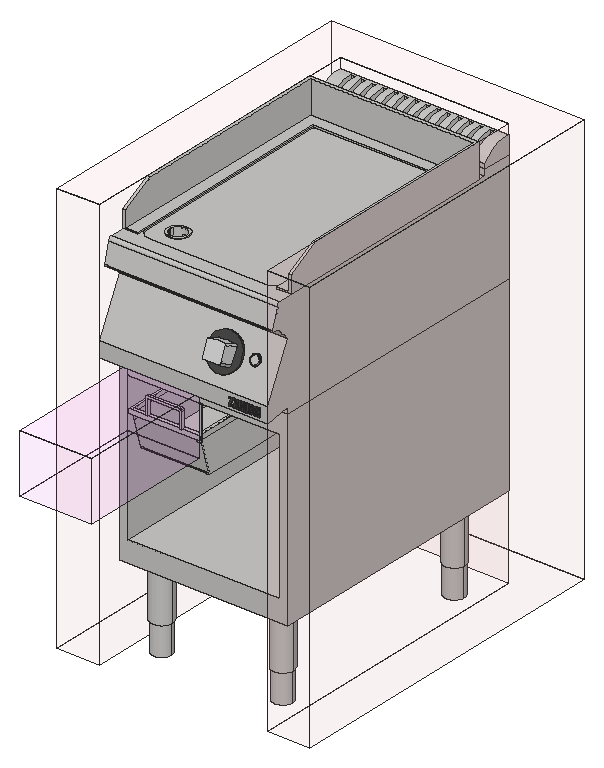
Revit family "QF_ZANUSSI_372039_Z7FTGDCSO0", category Attrezzature speciali, Revit 2020
Family settings
  Quota connettore circolare = Usa diametro
  Tipo di parte = Normale
  Basato su piano di lavoro = No
  Sempre verticale = Sì
  Taglio con vuoti quando caricato = No
  Condiviso = No
  Punto di calcolo locali = No
Parameters (values of type "Standard")
  Weight = 50.00 kg
  Watts = 0 W
  Volts = 0 V
  URL Manufacturer = "http://www.zanussiprofessional.com"
  URL = "http://www.zanussiprofessional.com"
  Steam Supply Size = 0 mm
  Steam Supply Minimum Pressure = 0.0 Pa
  Steam Supply Maximum Pressure = 0.0 Pa
  Steam Consumption per Hour = 0
  Show Logo [instance] = yes
  Show Clearance [instance] = yes
  Refrigeration Suction Line Size = 0 mm
  Refrigeration Liquid Line Size = 0 mm
  Refrigerant Compressor Remote = yes
  Prospetto di default = 0 mm
  Produttore = "Zanussi"
  Phase = 0
  Modello = "Z7FTGDCSO0"
  Length Actual = 400 mm  # constant formula
  Item Number = "372039"
  Hot Water Size = 0 mm
  Height Actual = 850 mm  # constant formula
  HP = "0 HP"
  Gas Size = 12.7 mm
  Gas KW = 7
  Gas Input Pressure = 0.0687482 W
  Direct Waste Size = 0 mm
  Descrizione = "GAS FRY TOP-SMOOTH POLISHED CHROME PLATE+BASE 400MM"
  Depth Actual = 700 mm  # constant formula
  Cycle = 0 Hz
  Condensate Return Size = 0 mm
  Compressed Air Volume = 0.0 L/s
  Compressed Air Size = 0 mm
  Compressed Air Pressure = 0.0 Pa
  Cold Water Size = 0 mm
  Accessory = yes
Reference planes
  plane 1 "Back": y = 0
  plane 2: z = 0
  plane 3 "Left": x = 0
  plane 4: z = 849
  plane 5: x = 500
  plane 6: x = -100
  plane 7: y = 100
  plane 8: x = 400
  plane 9: y = -715
  plane 10: y = -91
  plane 11: y = -600
  plane 12: x = 200
Forms (mm)
  Extrusion 1, solid, material "QF_Finishes_Clearance", visible <- "Show Clearance"
    sketch origin (0, 0, 575) x (1, 0, 0) y (0, 1, 0)
      loop
        line (0, -715) -> (0, 0) -> (400, 0) -> (400, -715) -> (500, -715) -> (500, 100) -> (-100, 100) -> (-100, -715) -> (0, -715)
    from -575 to 405
  Extrusion 2, void
    sketch origin (0, -2.381, 900) x (-1, 0, 0) y (0, -1, 0)
      loop
        arc (-60.425, 102.504) -> (-42.464, 109.943) -> (-35.025, 127.904) r 25.4
        line (-35.025, 127.904) -> (-35.025, 617.104)
        arc (-35.025, 617.104) -> (-42.464, 635.064) -> (-60.425, 642.504) r 25.4
        line (-60.425, 642.504) -> (-339.575, 642.504)
        arc (-339.575, 642.504) -> (-357.536, 635.064) -> (-364.975, 617.104) r 25.4
        line (-364.975, 617.104) -> (-364.975, 127.904)
        arc (-364.975, 127.904) -> (-357.536, 109.943) -> (-339.575, 102.504) r 25.4
        line (-339.575, 102.504) -> (-60.425, 102.504)
    from 0 to -3.2
  Sweep 3, solid, material "QF_Finishes_Stainless Steel"
    path origin (0, -2.381, 900) x (-1, 0, 0) y (0, -1, 0)
      loop
        line (-364.975, 642.504) -> (-364.975, 122.619) -> (-35.025, 122.619) -> (-35.025, 642.504)
    profile origin (35.025, -384.942, 900) x (1, 0, 0) y (0, 0, 1)
      loop
        line (-35.025, 0) -> (0, 0) -> (0, 3.175) -> (-28.675, 3.175) -> (-28.675, 80) -> (-35.025, 80) -> (-35.025, 0)
  Extrusion 4, void
    sketch origin (0, -89.975, 900) x (0, 1, 0) y (0, 0, 1)
      loop
        line (-554.91, 40.481) -> (-481.88, 80) -> (-554.91, 80) -> (-554.91, 40.481)
    from 0 to 6.35
  Extrusion 5, void
    sketch origin (400, -644.885, 900) x (0, -1, 0) y (0, 0, 1)
      loop
        line (0, 40.481) -> (0, 80) -> (-73.03, 80) -> (0, 40.481)
    from 0 to 6.35
  Extrusion 6, solid, material "QF_Finishes_Stainless Steel"
    sketch origin (0, 20, 50) x (1, 0, 0) y (0, 1, 0)
      loop
        circle (85.307, -607.968) r 25
      loop
        circle (85.307, -607.968) r 20
    from 831.583 to 846.8
  Extrusion 7, solid, material "QF_Finishes_Stainless Steel"
    sketch origin (0, 0, 626) x (0, 1, 0) y (0, 0, 1)
      loop
        line (0, 24) -> (0, 288) -> (-70, 288) -> (-70, 273) -> (-679.358, 273)
        arc (-679.358, 273) -> (-684.643, 270.811) -> (-686.833, 265.526) r 7.474
        line (-686.833, 265.526) -> (-699.884, 220.011)
        arc (-699.884, 220.011) -> (-699.396, 217.379) -> (-697, 216.184) r 3
        line (-697, 216.184) -> (-686.802, 216.184) -> (-654.982, 184.364) -> (-715, 64.508) -> (-715, 29.508) -> (-658.645, 37.428)
        arc (-658.645, 37.428) -> (-656.101, 36.674) -> (-655, 34.259) r 3.2
        line (-655, 34.259) -> (-655, 24) -> (0, 24)
    from 0 to 400
  Extrusion 8, void
    sketch origin (0, 20, 50) x (1, 0, 0) y (0, 1, 0)
      loop
        circle (85.307, -607.971) r 20
    from 520.027 to 855.813
  Extrusion 9, solid, material "QF_Finishes_Stainless Steel"
    sketch origin (0, 0, 50) x (1, 0, 0) y (0, 1, 0)
      loop
        line (0, 0) -> (0, -655) -> (400, -655) -> (400, 0) -> (0, 0)
    from 149 to 600
  Extrusion 10, void
    sketch origin (418.77, -655, 50) x (1, 0, 0) y (0, 0, -1)
      loop
        line (-398.77, -199) -> (-398.77, -550) -> (-38.77, -550) -> (-38.77, -199) -> (-398.77, -199)
    from 0 to 507.363
  Extrusion 11, solid, material "QF_Finishes_Stainless Steel"
    sketch origin (0, 322, 50) x (1, 0, 0) y (0, 0, 1)
      loop
        line (184.499, 468.626) -> (184.499, 467)
        arc (184.499, 467) -> (185.085, 465.586) -> (186.499, 465) r 2
        line (186.499, 465) -> (192, 465)
        arc (192, 465) -> (194.121, 465.879) -> (195, 468) r 3
        line (195, 468) -> (195, 550) -> (190, 550) -> (190, 468.626) -> (184.499, 468.626)
    from 655 to 977.426
  Extrusion 12, solid, material "QF_Finishes_Door Clearance", visible <- "Show Clearance"
    sketch origin (0, 0, 100) x (1, 0, 0) y (0, 0, 1)
      loop
        line (190, 380) -> (190, 521.126) -> (19.675, 521.126) -> (19.675, 380) -> (190, 380)
    from 655 to 975.19
  Extrusion 13, solid, material "QF_Finishes_Stainless Steel"
    sketch origin (-400, 0, 189) x (1, 0, 0) y (0, 1, 0)
      loop
        circle (748, -506) r 10
    from 0 to 10
Cuts and joins
  Extrusion 2, Extrusion 4, Extrusion 5 cuts Sweep 3
  Extrusion 2 cuts Extrusion 6
  Extrusion 4 cuts Extrusion 1
  Extrusion 2, Extrusion 8 cuts Extrusion 7
  Extrusion 10 cuts Extrusion 9
  Extrusion 10 cuts Extrusion 11
Dimensions and locks
  plane 4 to level = 849 mm
  plane 3 "Left" to plane 8 = 400 mm
  plane 1 "Back" to plane 9 = 715 mm
  plane 6 to plane 3 "Left" = 100 mm
  plane 8 to plane 5 = 100 mm
  plane 1 "Back" to plane 7 = 100 mm
  plane 1 "Back" to plane 10 to plane 11 = 91 mm, 509 mm
  equal spacing: plane 3 "Left", plane 12, plane 8
  aligned and locked: level to plane 2
Automatic sketch dimensions
  Extrusion 1 sketch curve to plane 6 = 0 mm
  plane 1 "Back" to Extrusion 1 sketch curve = 0 mm
  Extrusion 1 sketch curve to plane 3 "Left" = 0 mm
  Extrusion 1 sketch curve to plane 8 = 0 mm
  Extrusion 1 sketch curve to plane 5 = 0 mm
  Extrusion 1 sketch curve to plane 9 = 0 mm  (x2)
  Extrusion 1 sketch curve to plane 7 = 0 mm
  plane 8 to Extrusion 2 sketch curve = 35.025 mm
  Extrusion 2 sketch curve to Extrusion 2 sketch curve = 25.4 mm  (x3)
  Extrusion 2 sketch curve to plane 10 = 13.885 mm
  plane 3 "Left" to Extrusion 2 sketch curve = 60.425 mm  (x2)
  Extrusion 2 sketch curve to plane 11 = 19.485 mm
  plane 8 to Sweep 3 sketch curve = 35.025 mm
  plane 3 "Left" to Sweep 3 sketch curve = 35.025 mm
  Sweep 3 sketch curve to plane 10 = 34 mm
  Sweep 3 sketch curve to plane 11 = 44.885 mm  (x2)
  Sweep 3 sketch curve to profile plane = 0 mm
  profile plane to Sweep 3 sketch curve = 0 mm
  profile plane to Sweep 3 sketch curve = 28.675 mm
  Sweep 3 sketch curve to Sweep 3 sketch curve = 6.35 mm
  profile plane to Sweep 3 sketch curve = 3.175 mm
  Sweep 3 sketch curve to Sweep 3 sketch curve = 76.825 mm
  Extrusion 4 sketch curve to Sweep 3 = 0 mm  (x2)
  Extrusion 4 sketch curve to Extrusion 4 sketch curve = 73.03 mm
  Extrusion 4 sketch curve to Extrusion 4 sketch curve = 39.519 mm
  Sweep 3 to Extrusion 5 sketch curve = 0 mm
  Extrusion 5 sketch curve to Sweep 3 = 0 mm
  Extrusion 5 sketch curve to Extrusion 5 sketch curve = 73.03 mm
  Extrusion 5 sketch curve to Extrusion 5 sketch curve = 39.519 mm
  Extrusion 6 sketch curve to Extrusion 6 sketch curve = 0 mm  (x2)
  plane 11 to Extrusion 6 sketch curve = 12.032 mm
  plane 3 "Left" to Extrusion 6 sketch curve = 85.307 mm
  Extrusion 7 sketch curve to plane 9 = 0 mm
  Extrusion 7 sketch curve to plane 1 "Back" = 0 mm
  plane 4 to Extrusion 7 sketch curve = 2.989 mm
  plane 9 to Extrusion 7 sketch curve = 15.116 mm
  Extrusion 7 sketch curve to Extrusion 7 sketch curve = 2.884 mm
  plane 9 to Extrusion 7 sketch curve = 28.167 mm
  plane 4 to Extrusion 7 sketch curve = 6.816 mm
  Extrusion 7 sketch curve to Extrusion 7 sketch curve = 10.198 mm
  Extrusion 7 sketch curve to Extrusion 7 sketch curve = 7.474 mm
  plane 9 to Extrusion 7 sketch curve = 56.355 mm
  Extrusion 7 sketch curve to Extrusion 7 sketch curve = 0.445 mm
  Extrusion 7 sketch curve to Extrusion 7 sketch curve = 3.2 mm
  Extrusion 7 sketch curve to Extrusion 7 sketch curve = 31.82 mm
  plane 10 to Extrusion 7 sketch curve = 21 mm
  plane 4 to Extrusion 7 sketch curve = 38.636 mm
  Extrusion 7 sketch curve to Extrusion 7 sketch curve = 119.856 mm
  Extrusion 7 sketch curve to Extrusion 7 sketch curve = 27.08 mm
  Extrusion 7 sketch curve to Extrusion 7 sketch curve = 35 mm
  Extrusion 7 sketch curve to Extrusion 7 sketch curve = 10.259 mm
  Extrusion 7 sketch curve to plane 4 = 42.526 mm
  Extrusion 7 sketch curve to plane 4 = 65 mm
  plane 11 to Extrusion 8 sketch curve = 12.029 mm
  plane 3 "Left" to Extrusion 8 sketch curve = 85.307 mm
  Extrusion 9 sketch curve to plane 3 "Left" = 0 mm
  Extrusion 9 sketch curve to plane 8 = 0 mm
  plane 1 "Back" to Extrusion 9 sketch curve = 0 mm
  Extrusion 9 sketch curve to plane 11 = 55 mm
  Extrusion 10 sketch curve to Extrusion 9 = 20 mm
  Extrusion 9 to Extrusion 10 sketch curve = 20 mm
  Extrusion 10 sketch curve to Extrusion 9 = 50 mm  (x2)
  Extrusion 11 sketch curve to plane 12 = 15.501 mm
  Extrusion 11 sketch curve to Extrusion 11 sketch curve = 2 mm  (x2)
  Extrusion 11 sketch curve to Extrusion 11 sketch curve = 3.501 mm
  Extrusion 11 sketch curve to plane 12 = 5 mm
  plane 4 to Extrusion 11 sketch curve = 334 mm
  Extrusion 11 sketch curve to Extrusion 11 sketch curve = 1.626 mm
  Extrusion 11 sketch curve to Extrusion 11 sketch curve = 81.374 mm
  plane 3 "Left" to Extrusion 12 sketch curve = 19.675 mm
  Extrusion 12 sketch curve to plane 12 = 10 mm
  plane 4 to Extrusion 12 sketch curve = 369 mm
  Extrusion 12 sketch curve to Extrusion 12 sketch curve = 141.126 mm
  plane 8 to Extrusion 13 sketch curve = 52 mm
  plane 11 to Extrusion 13 sketch curve = 94 mm
  radius of Extrusion 6 sketch curve = 25 mm
  radius of Extrusion 6 sketch curve = 20 mm
  radius of Extrusion 8 sketch curve = 20 mm
  radius of Extrusion 13 sketch curve = 10 mm
Nested families
  nested 1: "Uscita_Fumi" at (200, -34.925, 914), type "Uscita_Fumi"
  nested 2: "CONTROLLER_XP-ZAN" at (325.75, -684.624, 751.168) x (1, 0, 0) z (0, -0.8942, 0.4478), type "CONTROLLER_XP-ZAN"
  nested 3: "Bottone" at (345, -681.68, 757.047) x (1, 0, 0) z (0, -0.8942, 0.4478), type "Bottone"
  nested 4: "ZANUSSI_Logo" at (349.92, -715, 721.184) x (1, 0, 0) z (0, -1, 0), Show Logo <- "Show Logo", visible <- "Show Logo", type "ZANUSSI_Logo"
    with Show Logo yes
  nested 5: "CESTELLO_SCOLO" at (19.675, -494, 430), type "CESTELLO_SCOLO"
  nested 6: "Piedino 50xH200_par" at (56, -600, 0), type "Piedino 50xH200_par"
    with H 200 mm
  nested 7: "Piedino 50xH200_par" at (56, -90.938, 0), type "Piedino 50xH200_par"
    with H 200 mm
  nested 8: "Piedino 50xH200_par" at (343.824, -91.108, 0), type "Piedino 50xH200_par"
    with H 200 mm
  nested 9: "Piedino 50xH200_par" at (343.824, -600.001, 0), type "Piedino 50xH200_par"
    with H 200 mm
Connectors
  piping at (348, -506, 189), diameter 12.7, driven by "Gas Size"
    settings: on Extrusion 13, index 7, connector inside diameter 609.6 mm, connector length 0 mm, flow factor 0, pipe flow 0.0 L/s, pressure drop 0.0 Pa, fitting loss kfactor 0, connector angle 0.00°, fixture units 0, engagement length 0 mm, angle of deflection 0.00°, flow configuration 0, flow direction 0, fitting loss method 0, system type 29, joint type 0, gender type 0, connector reference index -1, connector utility 0, adjustable connector no, is connector primary yes, connector description "Gas Connection"
Definition of nested family "Uscita_Fumi"
  Parameters (values of type "Uscita_Fumi")
    Default Elevation = 1219.2 mm
  Reference planes
    plane 1 "Centro (Fronte/Retro)": y = 0
    plane 2: z = 0
    plane 3 "Centro (Sinistra/Destra)": x = 0
  Forms (mm)
    Extrusion 1, solid
      sketch origin (0, 0, 0) x (1, 0, 0) y (0, 1, 0)
        loop
          line (-1219.2, 1219.2) -> (-1219.2, -1219.2) -> (1219.2, -1219.2) -> (1219.2, 1219.2) -> (-1219.2, 1219.2)
      from 0 to -304.8
    Extrusion 2, solid
      sketch origin (-200, 34.925, -289.638) x (0, 1, 0) y (0, 0, 1)
        loop
          line (0, 289.638) -> (0, 331.738)
          arc (0, 331.738) -> (-38.857, 324.552) -> (-69.85, 300.038) r 82.056
          line (-69.85, 300.038) -> (-69.85, 289.638) -> (0, 289.638)
      from 0 to 400
    Extrusion 3, void
      sketch origin (-200, 34.925, -15) x (0, -1, 0) y (1, 0, 0)
        loop
          line (6.761, 29.703) -> (63.911, 29.703) -> (63.911, 38.999) -> (6.761, 38.999) -> (6.761, 29.703)
        loop
          line (63.911, 64.487) -> (6.761, 64.487) -> (6.761, 55.191) -> (63.911, 55.191) -> (63.911, 64.487)
        loop
          line (63.911, 89.975) -> (6.761, 89.975) -> (6.761, 80.68) -> (63.911, 80.68) -> (63.911, 89.975)
        loop
          line (63.911, 115.464) -> (6.761, 115.464) -> (6.761, 106.168) -> (63.911, 106.168) -> (63.911, 115.464)
        loop
          line (63.911, 140.952) -> (6.761, 140.952) -> (6.761, 131.656) -> (63.911, 131.656) -> (63.911, 140.952)
        loop
          line (63.911, 166.44) -> (6.761, 166.44) -> (6.761, 157.145) -> (63.911, 157.145) -> (63.911, 166.44)
        loop
          line (63.911, 191.929) -> (6.761, 191.929) -> (6.761, 182.633) -> (63.911, 182.633) -> (63.911, 191.929)
        loop
          line (63.911, 217.417) -> (6.761, 217.417) -> (6.761, 208.121) -> (63.911, 208.121) -> (63.911, 217.417)
        loop
          line (63.911, 242.905) -> (6.761, 242.905) -> (6.761, 233.61) -> (63.911, 233.61) -> (63.911, 242.905)
        loop
          line (63.911, 268.394) -> (6.761, 268.394) -> (6.761, 259.098) -> (63.911, 259.098) -> (63.911, 268.394)
        loop
          line (63.911, 293.882) -> (6.761, 293.882) -> (6.761, 284.586) -> (63.911, 284.586) -> (63.911, 293.882)
        loop
          line (63.911, 319.37) -> (6.761, 319.37) -> (6.761, 310.075) -> (63.911, 310.075) -> (63.911, 319.37)
        loop
          line (63.911, 344.859) -> (6.761, 344.859) -> (6.761, 335.563) -> (63.911, 335.563) -> (63.911, 344.859)
        loop
          line (63.911, 370.347) -> (6.761, 370.347) -> (6.761, 361.051) -> (63.911, 361.051) -> (63.911, 370.347)
      from 25.4 to 63.5
  Cuts and joins
    Extrusion 3 cuts Extrusion 2
  Dimensions and locks
    aligned and locked: plane 2 to Extrusion 1
    aligned and locked: level to Extrusion 1
Definition of nested family "CONTROLLER_XP-ZAN"
  Parameters (values of type "CONTROLLER_XP-ZAN")
    Default Elevation = 0 mm
  Reference planes
    plane 1 "Centro (Fronte/Retro)": y = 0
    plane 2: z = 0
    plane 3 "Centro (Sinistra/Destra)": x = 0
    plane 4: x = -51.067
    plane 5: x = 51.067
    plane 6: x = 93.481
    plane 7: x = -93.481
  Forms (mm)
    Extrusion 1, solid
      sketch origin (0, 0, 0) x (1, 0, 0) y (0, 1, 0)
        loop
          line (-1219.2, 1219.2) -> (-1219.2, -1219.2) -> (1219.2, -1219.2) -> (1219.2, 1219.2) -> (-1219.2, 1219.2)
      from 0 to -304.8
    Extrusion 2, solid
      sketch origin (-46.381, -48.923, 0) x (1, 0, 0) y (0, 1, 0)
        loop
          circle (-4.687, 48.923) r 42.414
      from 0 to 3.175
    Blend 3, solid
      base sketch origin (-46.381, -48.923, 3.175) x (1, 0, 0) y (0, 1, 0)
        loop
          line (-23.687, 25.923) -> (14.313, 25.923)
          arc (14.313, 25.923) -> (17.142, 27.095) -> (18.313, 29.923) r 4
          line (18.313, 29.923) -> (18.313, 66.519)
          arc (18.313, 66.519) -> (17.342, 69.132) -> (14.901, 70.476) r 4
          arc (14.901, 70.476) -> (-4.687, 71.923) -> (-24.275, 70.476) r 133.25
          arc (-24.275, 70.476) -> (-26.716, 69.132) -> (-27.687, 66.519) r 4
          line (-27.687, 66.519) -> (-27.687, 29.923)
          arc (-27.687, 29.923) -> (-26.515, 27.095) -> (-23.687, 25.923) r 4
      top sketch origin (-46.381, -48.923, 3.175) x (1, 0, 0) y (0, 1, 0)
        loop
          line (-25.687, 66.519) -> (-25.687, 29.923)
          arc (-25.687, 29.923) -> (-25.101, 28.509) -> (-23.687, 27.923) r 2
          line (-23.687, 27.923) -> (14.313, 27.923)
          arc (14.313, 27.923) -> (15.727, 28.509) -> (16.313, 29.923) r 2
          line (16.313, 29.923) -> (16.313, 66.519)
          arc (16.313, 66.519) -> (15.828, 67.825) -> (14.607, 68.498) r 2
          arc (14.607, 68.498) -> (-4.687, 69.923) -> (-23.981, 68.498) r 131.25
          arc (-23.981, 68.498) -> (-25.201, 67.825) -> (-25.687, 66.519) r 2
      from 0 to 33
  Lines and regions (mm)
    Split face 1
      outline origin (-46.381, -48.923, 36.175) x (1, 0, 0) y (0, 1, 0)
        loop
          line (-6.687, 69.908) -> (-6.687, 62.923) -> (-2.687, 62.923) -> (-2.687, 69.908)
  Dimensions and locks
    aligned and locked: plane 2 to Extrusion 1
    aligned and locked: level to Extrusion 1
Definition of nested family "Bottone"
  Parameters (values of type "Bottone")
    Default Elevation = 1219.2 mm
  Reference planes
    plane 1 "Centro (Fronte/Retro)": y = 0
    plane 2: z = 0
    plane 3 "Centro (Sinistra/Destra)": x = 0
  Forms (mm)
    Extrusion 1, solid
      sketch origin (0, 0, 0) x (1, 0, 0) y (0, 1, 0)
        loop
          line (-1219.2, 1219.2) -> (-1219.2, -1219.2) -> (1219.2, -1219.2) -> (1219.2, 1219.2) -> (-1219.2, 1219.2)
      from 0 to -304.8
    Extrusion 2, solid
      sketch origin (0, 0, 0) x (1, 0, 0) y (0, 1, 0)
        loop
          circle (0, 0) r 12
        loop
          circle (0, 0) r 10
      from 0 to 2
    Extrusion 3, solid
      sketch origin (0, 0, 0) x (1, 0, 0) y (0, 1, 0)
        loop
          circle (0, 0) r 9.75
      from 0 to 3
  Dimensions and locks
    aligned and locked: plane 2 to Extrusion 1
    aligned and locked: level to Extrusion 1
Definition of nested family "ZANUSSI_Logo"
  Parameters (values of type "ZANUSSI_Logo")
    Show Logo [instance] = yes
    Default Elevation = 1219.2 mm
  Reference planes
    plane 1 "Center (Front/Back)": y = -49
    plane 2: z = 0
    plane 3 "Center (Left/Right)": x = -9.92
  Forms (mm)
    Extrusion 1, solid
      sketch origin (0, 0, 0) x (1, 0, 0) y (0, 1, 0)
        loop
          line (-1219.2, 1219.2) -> (-1219.2, -1219.2) -> (1219.2, -1219.2) -> (1219.2, 1219.2) -> (-1219.2, 1219.2)
      from 0 to -304.8
    Extrusion 2, solid, visible <- "Show Logo"
      sketch origin (106.353, -215.165, -50) x (1, 0, 0) y (0, 1, 0)
        loop
          line (-137.419, 156.48) -> (-137.419, 160.444) -> (-143.365, 160.444) -> (-137.419, 172.566) -> (-137.419, 175.851) -> (-147.274, 175.851) -> (-147.274, 172.226) -> (-142.063, 172.339) -> (-147.728, 160.444) -> (-147.728, 156.48) -> (-137.419, 156.48)
        loop
          line (-131.729, 163.73) -> (-129.463, 163.73) -> (-130.596, 172.54) -> (-131.729, 163.73)
        loop
          line (-132.748, 156.48) -> (-132.182, 160.218) -> (-128.897, 160.218) -> (-128.33, 156.48) -> (-124.252, 156.48) -> (-127.877, 175.851) -> (-133.315, 175.851) -> (-136.826, 156.48) -> (-132.748, 156.48)
        loop
          line (-123.75, 175.851) -> (-123.75, 156.48) -> (-120.238, 156.48) -> (-120.238, 169.281) -> (-116.953, 156.48) -> (-112.648, 156.48) -> (-112.648, 175.851) -> (-116.273, 175.851) -> (-116.273, 163.503) -> (-119.558, 175.851) -> (-123.75, 175.851)
        loop
          arc (-111.742, 161.27) -> (-106.896, 156.448) -> (-101.433, 160.558) r 5.22
          line (-101.433, 160.558) -> (-101.433, 175.851) -> (-105.398, 175.851) -> (-105.398, 161.464)
          arc (-105.398, 161.464) -> (-106.44, 160.263) -> (-107.777, 161.124) r 1.214
          line (-107.777, 161.124) -> (-107.777, 175.851) -> (-111.742, 175.851) -> (-111.742, 161.27)
        loop
          line (-94.069, 169.734) -> (-90.331, 169.734) -> (-90.269, 171.495)
          arc (-90.269, 171.495) -> (-90.53, 173.458) -> (-91.761, 175.009) r 3.719
          arc (-91.761, 175.009) -> (-95.38, 176.189) -> (-98.998, 175.009) r 6.139
          arc (-98.998, 175.009) -> (-100.474, 172.145) -> (-100.291, 168.927) r 6.125
          arc (-100.291, 168.927) -> (-99.079, 167.149) -> (-97.591, 165.594) r 13.068
          line (-97.591, 165.594) -> (-95.921, 164.113)
          arc (-95.921, 164.113) -> (-94.934, 163.275) -> (-94.167, 162.233) r 5.571
          arc (-94.167, 162.233) -> (-94.357, 160.41) -> (-96.143, 160.003) r 1.573
          arc (-96.143, 160.003) -> (-96.681, 160.547) -> (-96.911, 161.277) r 1.631
          arc (-96.911, 161.277) -> (-96.929, 161.791) -> (-96.911, 162.305) r 7.441
          arc (-96.911, 162.305) -> (-96.895, 162.791) -> (-96.911, 163.277) r 7.03
          line (-96.911, 163.277) -> (-100.866, 163.277)
          arc (-100.866, 163.277) -> (-100.828, 160.504) -> (-99.735, 157.955) r 7.131
          arc (-99.735, 157.955) -> (-94.571, 156.484) -> (-90.221, 159.633) r 6.148
          arc (-90.221, 159.633) -> (-90.141, 162.884) -> (-91.536, 165.823) r 7.021
          line (-91.536, 165.823) -> (-95.882, 169.734)
          arc (-95.882, 169.734) -> (-96.47, 170.472) -> (-96.785, 171.362) r 2.858
          arc (-96.785, 171.362) -> (-95.666, 172.959) -> (-94.069, 171.84) r 1.379
          line (-94.069, 171.84) -> (-94.069, 169.734)
        loop
          line (-82.771, 169.734) -> (-79.033, 169.734) -> (-78.971, 171.495)
          arc (-78.971, 171.495) -> (-79.232, 173.458) -> (-80.463, 175.009) r 3.719
          arc (-80.463, 175.009) -> (-84.081, 176.189) -> (-87.7, 175.009) r 6.139
          arc (-87.7, 175.009) -> (-89.175, 172.145) -> (-88.993, 168.927) r 6.125
          arc (-88.993, 168.927) -> (-87.781, 167.149) -> (-86.293, 165.594) r 13.068
          line (-86.293, 165.594) -> (-84.623, 164.113)
          arc (-84.623, 164.113) -> (-83.636, 163.275) -> (-82.869, 162.233) r 5.571
          arc (-82.869, 162.233) -> (-83.059, 160.41) -> (-84.845, 160.003) r 1.573
          arc (-84.845, 160.003) -> (-85.383, 160.547) -> (-85.613, 161.277) r 1.631
          arc (-85.613, 161.277) -> (-85.631, 161.791) -> (-85.613, 162.305) r 7.441
          arc (-85.613, 162.305) -> (-85.596, 162.791) -> (-85.613, 163.277) r 7.03
          line (-85.613, 163.277) -> (-89.568, 163.277)
          arc (-89.568, 163.277) -> (-89.53, 160.504) -> (-88.437, 157.955) r 7.131
          arc (-88.437, 157.955) -> (-83.272, 156.484) -> (-78.922, 159.633) r 6.148
          arc (-78.922, 159.633) -> (-78.843, 162.884) -> (-80.238, 165.823) r 7.021
          line (-80.238, 165.823) -> (-84.584, 169.734)
          arc (-84.584, 169.734) -> (-85.171, 170.472) -> (-85.486, 171.362) r 2.858
          arc (-85.486, 171.362) -> (-84.368, 172.959) -> (-82.771, 171.84) r 1.379
          line (-82.771, 171.84) -> (-82.771, 169.734)
        loop
          line (-78.21, 175.851) -> (-78.21, 156.48) -> (-74.245, 156.48) -> (-74.245, 175.851) -> (-78.21, 175.851)
      from 50 to 51.6
  Dimensions and locks
    aligned and locked: plane 2 to Extrusion 1
    aligned and locked: level to Extrusion 1
Definition of nested family "CESTELLO_SCOLO"
  Parameters (values of type "CESTELLO_SCOLO")
    Default Elevation = 0 mm
  Reference planes
    plane 1 "Centro (Fronte/Retro)": y = 0
    plane 2: z = 0
    plane 3 "Centro (Sinistra/Destra)": x = 0
  Forms (mm)
    Extrusion 1, solid
      sketch origin (0, -5, 0) x (0, 1, 0) y (0, 0, 1)
        loop
          line (0, 0) -> (128.732, 0)
          arc (128.732, 0) -> (131.741, 1.007) -> (133.539, 3.622) r 5
          line (133.539, 3.622) -> (160.064, 96.126) -> (0, 96.126) -> (-149.181, 96.126) -> (-122.656, 3.622)
          arc (-122.656, 3.622) -> (-120.859, 1.007) -> (-117.85, 0) r 5
          line (-117.85, 0) -> (0, 0)
      from 4.958 to 164.824
    Extrusion 2, solid
      sketch origin (7.5, -1.064, 2.5) x (0, 1, 0) y (0, 0, 1)
        loop
          line (162.49, 96.126) -> (-159.936, 96.126) -> (-159.936, 86.126) -> (162.49, 86.126) -> (162.49, 96.126)
      from -7.175 to 162.825
    Extrusion 3, solid
      sketch origin (-14.987, 0, 0) x (1, 0, 0) y (0, 0, 1)
        loop
          line (56.875, 98.626) -> (61.875, 98.626) -> (61.875, 133.126)
          arc (61.875, 133.126) -> (62.754, 135.247) -> (64.875, 136.126) r 3
          line (64.875, 136.126) -> (135.75, 136.126)
          arc (135.75, 136.126) -> (137.871, 135.247) -> (138.75, 133.126) r 3
          line (138.75, 133.126) -> (138.75, 98.626) -> (143.75, 98.626) -> (143.75, 136.126)
          arc (143.75, 136.126) -> (142.286, 139.662) -> (138.75, 141.126) r 5
          line (138.75, 141.126) -> (61.875, 141.126)
          arc (61.875, 141.126) -> (58.339, 139.662) -> (56.875, 136.126) r 5
          line (56.875, 136.126) -> (56.875, 98.626)
      from 154.898 to 161
    Extrusion 4, solid
      sketch origin (-14.987, 0, 0) x (1, 0, 0) y (0, 0, -1)
        loop
          line (56.875, -98.626) -> (56.875, -136.126)
          arc (56.875, -136.126) -> (58.339, -139.662) -> (61.875, -141.126) r 5
          line (61.875, -141.126) -> (138.75, -141.126)
          arc (138.75, -141.126) -> (142.286, -139.662) -> (143.75, -136.126) r 5
          line (143.75, -136.126) -> (143.75, -98.626) -> (138.75, -98.626) -> (138.75, -133.126)
          arc (138.75, -133.126) -> (137.871, -135.247) -> (135.75, -136.126) r 3
          line (135.75, -136.126) -> (64.875, -136.126)
          arc (64.875, -136.126) -> (62.754, -135.247) -> (61.875, -133.126) r 3
          line (61.875, -133.126) -> (61.875, -98.626) -> (56.875, -98.626)
      from 154.898 to 161
    Extrusion 5, void
      sketch origin (6.25, 0, 0) x (0, 1, 0) y (0, 0, 1)
        loop
          line (152.09, 101.912) -> (-152.186, 101.912) -> (-152.186, 92.301) -> (-123.108, 7.853) -> (126.892, 7.853) -> (152.09, 95.731) -> (152.09, 101.912)
      from 0.704 to 156.557
  Cuts and joins
    Extrusion 5 cuts Extrusion 2
    Extrusion 5 cuts Extrusion 1
  Dimensions and locks
    Extrusion 1 sketch curve to Extrusion 1 sketch curve = 309.245 mm
    Extrusion 2 to Extrusion 2 = 170 mm
    aligned and locked: level to plane 2
Definition of nested family "Piedino 50xH200_par"
  Parameters (values of type "Piedino 50xH200_par")
    Default Elevation = 0 mm
    H [instance] = 200 mm
  Reference planes
    plane 1 "Centro (Fronte/Retro)": y = 0
    plane 2: z = 0
    plane 3 "Centro (Sinistra/Destra)": x = 0
  Forms (mm)
    Revolve 1, solid
      sketch origin (55, 0, 0) x (-1, 0, 0) y (0, 0, -1)
        loop
          line (55, 0) -> (32.1, 0) -> (32.1, -69.05) -> (29.6, -69.05) -> (29.6, -200) -> (55, -200) -> (55, 0)
        axis (55, 0) -> (55, -200)
      angle from 0 to 360
  Dimensions and locks
    "H": Revolve 1 to plane 2
    aligned and locked: level to plane 2
  Automatic sketch dimensions
    Revolve 1 sketch curve to level = 0 mm
    Revolve 1 sketch curve to plane 3 "Centro (Sinistra/Destra)" = 0 mm  (x2)
    plane 3 "Centro (Sinistra/Destra)" to Revolve 1 sketch curve = 22.9 mm
    Revolve 1 sketch curve to Revolve 1 sketch curve = 2.5 mm
    level to Revolve 1 sketch curve = 69.05 mm
    Revolve 1 sketch curve to Revolve 1 sketch curve = 130.95 mm
    Revolve 1 sketch curve to Revolve 1 sketch curve = 0 mm
    Revolve 1 sketch curve to Revolve 1 sketch curve = 20 mm
